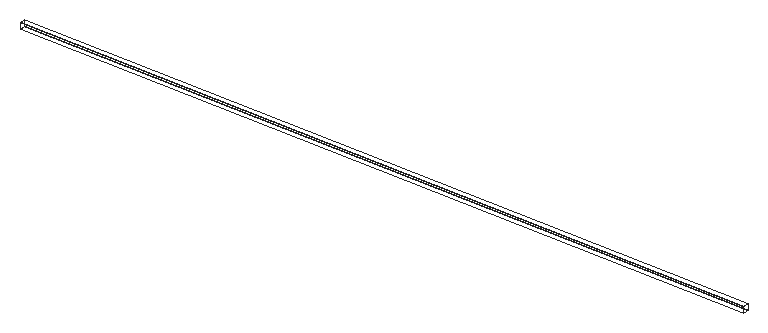
Revit family "Strip Light", category Lighting Fixtures, Revit 2020
Family settings
  Round Connector Dimension = Use Diameter
  Part Type = Normal
  OmniClass Number = 23.80.70.00
  OmniClass Title = Lighting
  Work Plane-Based = No
  Always vertical = Yes
  Cut with Voids When Loaded = No
  Light Source = Yes
  Shared = No
  Room Calculation Point = No
Parameters
  Wattage = 12.1178 W
  built-in parameter 1150110 = 1 (stored number, unit not read)
  built-in parameter 1114217 = 1 (stored number, unit not read)
  built-in parameter 1150109 = 1 (stored number, unit not read)
  built-in parameter 1150134 = (empty or 0)
  built-in parameter 1150113 = 1 (stored number, unit not read)
  Lumens = 1800 lm
  built-in parameter 1150115 = 1 (stored number, unit not read)
  built-in parameter 1150105 = 143.24 (stored number, unit not read)
  Light Source Symbol Size = 5' - 0"
  built-in parameter 1150137 = (empty or 0)
  built-in parameter 1150139 = (empty or 0)
  Light Length [instance] = 5' - 0"
  built-in parameter 1150112 = 1 (stored number, unit not read)
  built-in parameter 1150114 = 1 (stored number, unit not read)
  built-in parameter 1150132 = 2
  built-in parameter 1150102 = (empty or 0)
  built-in parameter 1150138 = (empty or 0)
  built-in parameter 1150107 = 3000 (stored number, unit not read)
  built-in parameter 1150106 = 1.4324 (stored number, unit not read)
  Emit from Line Length = 5' - 0"
  built-in parameter 1150104 = 13.8 (stored number, unit not read)
  Dimming Lamp Color Temperature Shift = (empty or 0)
  Default Elevation = 0' - 0"
  Color Filter = 16777215
  built-in parameter 1114218 = 1 (stored number, unit not read)
  built-in parameter 1150133 = 10 (stored number, unit not read)
Reference planes (in)
  plane 1 "Light Source Axis (F/B)": y = 0
  plane 2: z = 0
  plane 3 "Light Source Axis (L/R)": x = 0
  plane 4 "Light Source Elevation": z = 54
  plane 5: x = -30
  plane 6: x = 30
Forms (in)
  Extrusion 1, solid, material "Glass"
    sketch origin (0, 0, 0) x (1, 0, 0) y (0, 1, 0)
      loop
        line (-30, -0.25) -> (30, -0.25) -> (30, 0.25) -> (-30, 0.25) -> (-30, -0.25)
    from 0 to 0.5
Dimensions and locks (in)
  equal spacing: plane 5, plane 3 "Light Source Axis (L/R)", plane 6
  "Light Length": plane 5 to plane 6
  aligned and locked: plane 3 "Light Source Axis (L/R)" to imposter light
  aligned and locked: plane 1 "Light Source Axis (F/B)" to imposter light
  aligned and locked: plane 4 "Light Source Elevation" to imposter light
  aligned and locked: level to plane 2
Automatic sketch dimensions
  Extrusion 1 sketch curve to plane 5 = 0' - 0"
  Extrusion 1 sketch curve to plane 6 = 0' - 0"
  plane 1 "Light Source Axis (F/B)" to Extrusion 1 sketch curve = 0' - 0 1/4"
  Extrusion 1 sketch curve to plane 1 "Light Source Axis (F/B)" = 0' - 0 1/4"
